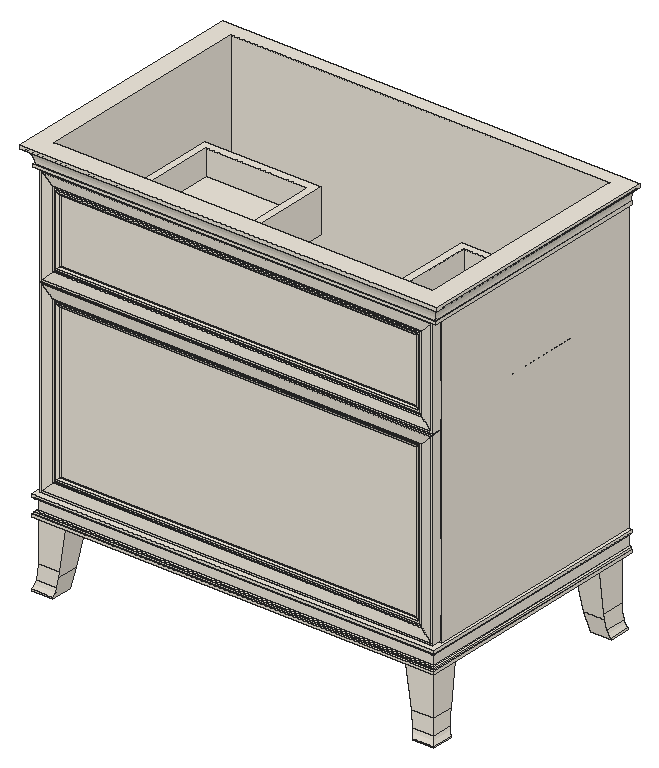
Revit family "Furniture-Floor_Mount-Vanity-KOHLER-HARKEN -K-33559", category Casework, host Face, Revit 2017 (continued)
Definition of nested family "K-33559"
  Lines and regions (in)
    symbolic lines, detail levels medium+fine
      curve 219: line (15.50693, 8.7082, 0) -> (15.50693, 8.93713, 0)
      curve 220: line (15.59142, 8.93576, 0) -> (14.70079, 8.93576, 0)
      curve 221: line (14.70079, 8.93576, 0) -> (14.70079, 8.87749, 0)
      curve 222: line (15.4648, 8.7082, 0) -> (15.4648, 8.87749, 0)
      curve 223: line (15.4648, 8.87749, 0) -> (14.57283, 8.87749, 0)
      curve 224: line (15.43898, 8.87749, 0) -> (15.43898, 8.5828, 0)
      curve 225: line (15.30118, 8.5828, 0) -> (15.30118, 8.87749, 0)
      curve 226: line (14.57283, 8.87749, 0) -> (14.57283, 8.5828, 0)
      curve 227: line (15.39961, 8.87749, 0) -> (15.39961, 8.93713, 0)
      curve 228: line (15.21047, 8.87749, 0) -> (15.21047, 8.93713, 0)
      curve 229: line (16.33858, -8.68098, 0) -> (16.10236, -8.68098, 0)
      curve 230: line (16.10236, -9.2126, 0) -> (16.10236, 8.5828, 0)
      curve 231: line (14.30394, 6.6143, 0) -> (14.30394, 6.79009, 0)
      curve 232: line (14.30394, 6.79009, 0) -> (14.32874, 6.81489, 0)
      curve 233: line (15.4648, 6.90899, 0) -> (14.57283, 6.90899, 0)
      curve 234: line (14.57283, 6.90899, 0) -> (14.57283, 6.6143, 0)
      curve 235: line (14.70079, 6.96726, 0) -> (14.70079, 6.90899, 0)
      curve 236: line (15.21047, 6.96726, 0) -> (15.21047, 6.90899, 0)
      curve 237: line (15.39961, 6.96726, 0) -> (15.39961, 6.90899, 0)
      curve 238: line (15.30118, 6.90899, 0) -> (15.30118, 6.6143, 0)
      curve 239: line (15.4648, 6.90899, 0) -> (15.4648, 6.73832, 0)
      curve 240: line (15.4648, 6.73832, 0) -> (15.5118, 6.73832, 0)
      curve 241: line (15.51099, 6.6143, 0) -> (15.51099, 6.73832, 0)
      curve 242: line (15.49803, 6.73832, 0) -> (15.49803, 6.6143, 0)
      curve 243: line (15.50693, 6.96726, 0) -> (15.50693, 6.73832, 0)
      curve 244: circle (15.98012, 8.97318, 0) r 0.19685 normal (0, 0, -1)
      curve 245: circle (15.98624, 8.97318, 0) r 0.09367 normal (0, 0, -1)
      curve 246: line (14.30394, 8.75997, 0) -> (14.32874, 8.78477, 0)
      curve 247: line (16.26772, -8.68098, 0) -> (16.26772, 6.27572, 0)
      curve 248: line (16.14961, -8.68098, 0) -> (16.14961, -7.9543, 0)
      curve 249: line (16.22835, -8.68098, 0) -> (16.22835, 6.27572, 0)
      curve 250: line (16.14961, 6.27572, 0) -> (16.14961, 5.67099, 0)
      curve 251: line (16.10236, 5.67099, 0) -> (16.2126, 5.67099, 0)
      curve 252: line (16.2126, 5.67099, 0) -> (16.2126, 5.50252, 0)
      curve 253: line (16.33858, 5.50252, 0) -> (16.10236, 5.50252, 0)
      curve 254: line (16.33858, 6.27572, 0) -> (16.10236, 6.27572, 0)
      curve 255: line (16.10236, 4.89779, 0) -> (16.2126, 4.89779, 0)
      curve 256: line (16.14961, 5.50252, 0) -> (16.14961, 4.89779, 0)
      curve 257: line (16.2126, 4.89779, 0) -> (16.2126, -6.55501, 0)
      curve 258: line (16.2126, -6.55501, 0) -> (16.10236, -6.55501, 0)
      curve 259: line (16.14961, -6.55501, 0) -> (16.14961, -7.9543, 0)
      curve 260: line (16.33858, -7.954, 0) -> (16.10236, -7.954, 0)
      curve 261: line (14.39564, 6.96726, 0) -> (14.39564, 6.6143, 0)
      curve 262: line (14.32874, 6.96726, 0) -> (14.32874, 6.6143, 0)
      curve 263: line (14.32874, 6.96726, 0) -> (15.5118, 6.96726, 0)
      curve 264: line (15.5118, 7.99225, 0) -> (15.5118, 6.96726, 0)
      curve 265: line (15.5118, 6.73832, 0) -> (15.5118, 6.6143, 0)
      curve 266: line (15.51181, -8.74005, 0) -> (15.51181, 6.02375, 0)
      curve 267: line (6.69291, 7.99225, 0) -> (6.69291, 6.6143, 0)
      curve 268: line (6.69291, 6.02375, 0) -> (6.69291, -8.74005, 0)
      curve 269: line (5.62992, 8.5828, 0) -> (5.62992, 7.99225, 0)
      curve 270: line (16.10236, 8.5038, 0) -> (6.10236, 8.5038, 0)
      curve 271: line (6.10236, 8.07125, 0) -> (16.10236, 8.07125, 0)
      curve 272: line (15.5908, 7.99225, 0) -> (15.5908, 6.6143, 0)
      curve 273: line (16.02335, 7.99225, 0) -> (16.02335, 6.6143, 0)
      curve 274: line (16.10236, 6.6143, 0) -> (6.10236, 6.6143, 0)
      curve 275: line (6.10236, 6.02375, 0) -> (16.10236, 6.02375, 0)
      curve 276: line (15.59081, 6.02375, 0) -> (15.59081, -8.74005, 0)
      curve 277: line (16.02335, -8.74005, 0) -> (16.02335, 6.02375, 0)
      curve 278: line (6.10236, 8.5828, 0) -> (6.10236, -8.74005, 0)
      curve 279: line (6.61391, -8.74005, 0) -> (6.61391, 6.02375, 0)
      curve 280: line (6.18136, 6.02375, 0) -> (6.18136, -8.74005, 0)
      curve 281: line (-16.10236, 6.5353, 0) -> (-6.10236, 6.5353, 0)
      curve 282: line (-16.10236, -8.74005, 0) -> (16.10236, -8.74005, 0)
      curve 283: line (16.10236, 6.5353, 0) -> (6.10236, 6.5353, 0)
      curve 284: line (-6.10236, 6.10275, 0) -> (-16.10236, 6.10275, 0)
      curve 285: line (6.10236, 6.10275, 0) -> (16.10236, 6.10275, 0)
      curve 286: line (16.92924, 0, 32.55897) -> (16.92924, 0, 23.97629)
      curve 287: line (16.81113, 0, 32.44086) -> (16.81113, 0, 24.0944)
      curve 288: line (16.92924, 0, 23.85829) -> (16.92924, 0, 7.63782)
      curve 289: line (16.81113, 0, 23.74018) -> (16.81113, 0, 7.75593)
      curve 290: line (6.10236, -2.63769, 0) -> (-6.10236, -2.63769, 0)
      curve 291: line (-6.10236, -3.22824, 0) -> (6.10236, -3.22824, 0)
      curve 292: line (-6.10236, -2.69052, 0) -> (6.10236, -2.69052, 0)
      curve 293: line (6.10236, -3.16994, 0) -> (-6.10236, -3.16994, 0)
  Dimensions and locks (in)
    locked: plane 4 to level at 34.48797
    locked: plane 5 to level at 5.70844
    locked: plane 6 to plane 7 at 21.88976
    aligned and locked: plane 2 to level
Types (3): name | Type | Product Page URL | Model | Product Finish | Finish
  (no name) | 1 | "http://www.us.kohler.com/us/catalog/productDetails.jsp?productId=33559-1WA" | "K-33559-1WA" | Kohler-Wood-1WA-Linen_White | "Kohler-Wood-1WA-Linen White"
  1WA-Linen White | 1 | "http://www.us.kohler.com/us/catalog/productDetails.jsp?productId=33559-1WA" | "K-33559-1WA" | Kohler-Wood-1WA-Linen_White | "Kohler-Wood-1WA-Linen White"
  1WX-New Dark Grey | 2 | "http://www.us.kohler.com/us/catalog/productDetails.jsp?productId=33559-1WX" | "K-33559-1WX" | KOHLER-Wood-1WX-New_Dark_Grey | "Kohler-Wood-1WX-New_Dark_Grey"
